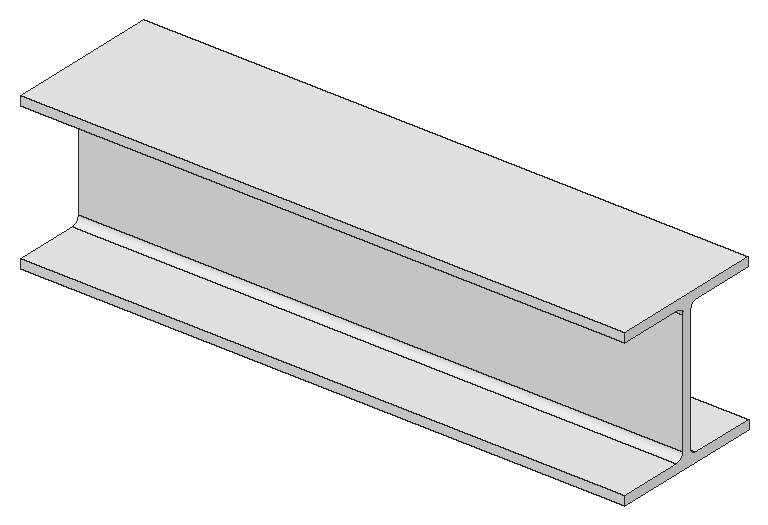
Revit family
Parameters (values of type "HP310X125")
  Start Extension Calculation [instance] = 3012.5 mm + Start Extension  # 3000 mm
  Start Extension [instance] = -12.5 mm
  End Extension Calculation [instance] = 3012.5 mm + End Extension  # 3000 mm
  End Extension [instance] = -12.5 mm
  Beam Material [instance] = Metal - Steel - 345 MPa
  Assembly Code = ""
  A = 0.016 m²
  Length [instance] = 1500 mm
  W = 1.2258
  bf = 312 mm
  d = 312 mm
  k = 32.6 mm
  kr = k - tf  # 15.2 mm
  tf = 17.4 mm
  tw = 17.4 mm
Reference planes
  plane 1 "Center (Front/Back)": y = 0
  plane 2: z = 0
  plane 3 "Center (Left/Right)": x = 4.61
  plane 4 "Member Left": x = -604.99
  plane 5 "Member Right": x = 614.21
  plane 6: y = 156
  plane 7: y = -156
  plane 8 "Top": z = 156
  plane 9: z = -156
  plane 10 "Right": x = 766.61
  plane 11 "Left": x = -733.39
  plane 12: x = -604.99
  plane 13: x = 614.21
  plane 14: x = 2395.01
  plane 15: x = -2385.79
Forms (mm)
  Sweep 1, solid, material "Metal - Steel - 345 MPa" <- "Beam Material", detail levels fine
    path origin (0, 0, 0) x (1, 0, 0) y (0, 1, 0)
      loop
        line (614.21, 0) -> (-604.99, 0)
    profile "M_HP-Bearing Pile-Profile-Fine : M_HP-Bearing Pile-Profile-Fine" origin (4.61, 0, 0) x (0, -1, 0) y (0, 0, 1)
      loop
        line (-156, -156) -> (156, -156) -> (156, -138.6) -> (23.9, -138.6)
        arc (23.9, -138.6) -> (13.152, -134.148) -> (8.7, -123.4) r 15.2
        line (8.7, -123.4) -> (8.7, 123.4)
        arc (8.7, 123.4) -> (13.152, 134.148) -> (23.9, 138.6) r 15.2
        line (23.9, 138.6) -> (156, 138.6) -> (156, 156) -> (-156, 156) -> (-156, 138.6) -> (-23.9, 138.6)
        arc (-23.9, 138.6) -> (-13.152, 134.148) -> (-8.7, 123.4) r 15.2
        line (-8.7, 123.4) -> (-8.7, -123.4)
        arc (-8.7, -123.4) -> (-13.152, -134.148) -> (-23.9, -138.6) r 15.2
        line (-23.9, -138.6) -> (-156, -138.6) -> (-156, -156)
  Sweep 2, solid, material "Metal - Steel - 345 MPa" <- "Beam Material", detail levels medium
    path origin (0, 0, 0) x (1, 0, 0) y (0, 1, 0)
      loop
        line (614.21, 0) -> (-604.99, 0)
    profile "M_HP-Bearing Pile-Profile-Medium : M_HP-Bearing Pile-Profile-Medium" origin (4.61, 0, 0) x (0, -1, 0) y (0, 0, 1)
      loop
        line (-156, -156) -> (156, -156) -> (156, -138.6) -> (8.7, -138.6) -> (8.7, 138.6) -> (156, 138.6) -> (156, 156) -> (-156, 156) -> (-156, 138.6) -> (-8.7, 138.6) -> (-8.7, -138.6) -> (-156, -138.6) -> (-156, -156)
Lines and regions (mm)
  symbolic lines, style "Hidden Faces", detail levels medium+fine
    curve 1: line (614.21, -6.5, 0) -> (-604.99, -6.5, 0)
    curve 2: line (614.21, 6.5, 0) -> (-604.99, 6.5, 0)
  symbolic lines, style "Stick Symbols", detail levels coarse
    curve 3: line (4.61, 156, 156) -> (4.61, -156, 156)
    curve 4: line (4.61, -156, -156) -> (4.61, 156, -156)
    curve 5: line (4.61, 0, -156) -> (4.61, 0, 156)
Dimensions and locks
  "bf": plane 6 to plane 7
  "d": plane 9 to plane 8 "Top"
  equal spacing: plane 9, plane 2, plane 8 "Top"
  equal spacing: plane 6, plane 1 "Center (Front/Back)", plane 7
  "Length": plane 11 "Left" to plane 10 "Right"
  locked: plane 4 "Member Left" to plane 14 at 3000
  locked: plane 15 to plane 5 "Member Right" at 3000
  "Start Extension Calculation": plane 12 to plane 14
  "End Extension Calculation": plane 15 to plane 13
  aligned and locked: Sweep 1 sketch curve to plane 1 "Center (Front/Back)"
  aligned and locked: Sweep 2 sketch curve to plane 1 "Center (Front/Back)"
  aligned and locked: Sweep 2 to curve 3  (x2)
  aligned and locked: Sweep 2 to curve 4  (x2)
  aligned and locked: curve 3 to Sweep 2
  aligned and locked: curve 4 to Sweep 2
  aligned and locked: plane 12 to Sweep 2 sketch curve
  aligned and locked: plane 13 to Sweep 2 sketch curve
  aligned and locked: plane 12 to Sweep 1 sketch curve
  aligned and locked: plane 13 to Sweep 1 sketch curve
  aligned and locked: plane 12 to curve 1
  aligned and locked: plane 12 to curve 2
  aligned and locked: plane 13 to curve 1
  aligned and locked: plane 13 to curve 2
Automatic sketch dimensions
  plane 1 "Center (Front/Back)" to curve 1 = 6.5 mm
  curve 2 to plane 1 "Center (Front/Back)" = 6.5 mm
  curve 5 to plane 1 "Center (Front/Back)" = 0 mm
